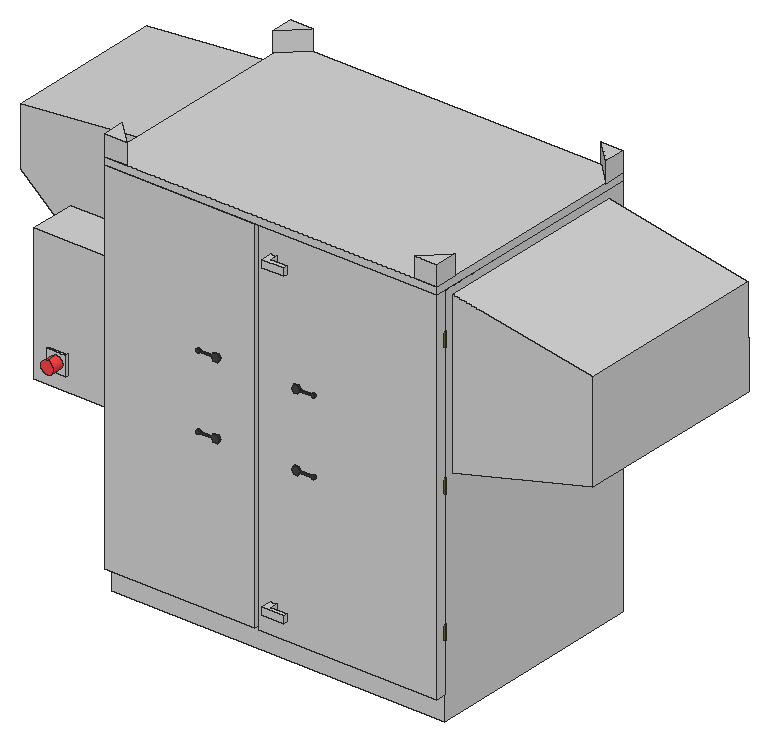
Revit family "Ventilator-RenewAire-Energy-Recovery-HE1.5XRTR", category Mechanical Equipment, Revit 2015
Parameters (values of type "1.0 HP 120V Single Phase")
  Voltage = "120"
  Ventilation Type = "Static Plate, Heat and Humidity Transfer"
  Unit Width = "33-1/4\""
  Unit Weight = "394-548 lbs."
  Unit Length = "86\""
  Unit Height = "56-3/4\""
  Unit = Metal - RenewAire - Anodized - Gray Text
  URL = "www.renewaire.com"
  Typical Airflow Range = "375 - 1,575 CFM"
  Standard Features = "Non-Fused Disconnect, 24VAC Transformer/Relay Package"
  Shipping Weight = "615 lbs."
  Service Area Visibility = no
  Service Area Box = Interference - RenewAire - Smooth - Light - Gold
  Revit Object Download Link = ""
  Phase = "Single"
  Options = "Qty. 2, EC Motor (see HE1.5XRT EC Motor submittal), 1.0 HP 120V/1Ph/60HZ, 1.0HP 208-230V/1Ph/60HZ, Integrated programmable controls, Fused disconnect, Double wall construction, Factory supplied and mounted variable frequency drives(VFDs) - one or both airstreams, Gravity backdraft dampers, Class 1 low leakage motorized isolation dampers – FA, EA or both airstreams, Qty. 2 Factory mounted filter alarms, Independent blower control, Exterior paint - white, custom colors"
  Number Motors = "Qty. 2, 1.0 HP ea., Direct drive standard motorized impeller packages"
  Model = "HE1.5XRTR"
  Minimum Circuit Amps = "14.6 A"
  Maximum Overcurrent Protection = "20 A"
  Max. Shipping Width = "47\""
  Max. Shipping Length = "70\""
  Max. Shipping Height = "83\""
  Manufacturer = "RenewAire LLC"
  Frequency = "60 HZ"
  FLA per Motor = "6.5"
  Description = "Energy Recovery Ventilator"
  Accessories = "Filters - MERV 13, 2\" (shipped loose), Backdraft Damper - OA or EA, Roof curb - standard 14\", Curb wind clip, Engineered combo curb for Carrier RTU, Engineered combo curb for Trane RTU, Digital time clock - wall mount(TC7D-W), in exterior enclosure (TC7D-E), Motion occupancy control - ceiling mount(MC-C), wall mount(MC-W), Carbon dioxide control - wall mount (CO2-W), duct mount(CO2-D), Electric duct heater – EK series (1-60 KW); designed for indoor ductwork installation only, Indirect gas-fired duct furnace - GH Series (50-400 MBH), installed downstream of any fans"
  AHRI 1060 Certified Core = "One L62-G5 and one L125-G5"
Types (6): name | Voltage | Phase | Minimum Circuit Amps | Maximum Overcurrent Protection | FLA per Motor
  (no name) | "120" | "Single" | "14.6 A" | "20 A" | "6.5"
  1.0 HP 120V Single Phase | "120" | "Single" | "14.6 A" | "20 A" | "6.5"
  1.0 HP 208-230 Single Phase | "208-230" | "Single" | "7.7 A" | "15 A" | "3.3-3.4"
  1.0 HP 277 Single Phase | "277" | "Single" | "6.1 A" | "15 A" | "2.7"
  1.0 HP 208-230 Three Phase | "208-230" | "Three" | "5.0" | "15 A" | "2.2-2.2"
  1.0 HP 460 Three Phase | "460" | "Three" | "2.5 A" | "15 A" | "1.1"
Reference planes (in)
  plane 1 "Center (Front/Back)": y = 0
  plane 2: z = 0
  plane 3 "Center (Left/Right)": x = 0
  plane 4 "MinServiceArea": y = -36.0625
  plane 5: z = 54
  plane 6: z = 53
Forms (in)
  Extrusion 1, solid, material "Metal - RenewAire - Anodized - Gray Text" <- "Unit"
    sketch origin (28, 0, 24.5625) x (0, 0, 1) y (0, 1, 0)
      loop
        line (-24.5625, 15.9375) -> (-24.5625, -14.6875) -> (28.4375, -14.6875) -> (28.4375, 15.9375) -> (-24.5625, 15.9375)
    from 3.25 to 48.875
  Extrusion 2, solid, material "Metal - RenewAire - Anodized - Gray Text" <- "Unit"
    sketch origin (28, 0, 24.5625) x (0, 0, 1) y (-1, 0, 0)
      loop
        line (-21.3125, 48.875) -> (-21.3125, 28.25) -> (28.4375, 28.25) -> (28.4375, 48.875) -> (-21.3125, 48.875)
      loop
        line (-21.3125, 27.75) -> (-21.3125, 3.25) -> (28.4375, 3.25) -> (28.4375, 27.75) -> (-21.3125, 27.75)
    from 14.6875 to 15.9375
  Extrusion 3, solid, material "Interference - RenewAire - Smooth - Light - Gold" <- "Service Area Box", visible <- "Service Area Visibility"
    sketch origin (28, 0, 24.5625) x (0, 1, 0) y (-1, 0, 0)
      loop
        line (-15.9375, 48.875) -> (-40.4375, 48.875) -> (-40.4375, 3.25) -> (-15.9375, 3.25) -> (-15.9375, 48.875)
    from -21.3125 to 29.4375
  Extrusion 4, solid, material "Metal - RenewAire - Anodized - Gray Text" <- "Unit"
    sketch origin (-19.375, 0, 42.6875) x (0, 0, 1) y (-1, 0, 0)
      loop
        line (-18.6875, 10.625) -> (-18.6875, 8) -> (-16.0625, 8) -> (-16.0625, 10.625) -> (-18.6875, 10.625)
    from 14.1875 to 14.5
  Extrusion 5, solid, material "Plastic Red"
    sketch origin (-19.375, 0, 42.6875) x (0, 0, 1) y (-1, 0, 0)
      loop
        circle (-17.375, 9.3125) r 0.875
    from 14.5 to 16
  Extrusion 6, solid, material "MonitorPorts"
    sketch origin (29.60669, 0, 34.19097) x (0, 0, 1) y (-1, 0, 0)
      loop
        line (-9.53348, 35.65895) -> (-9.94097, 35.42369) -> (-9.94097, 34.83769) -> (-9.43348, 34.54469) -> (-8.92599, 34.83769) -> (-8.92599, 35.42369) -> (-9.33348, 35.65895) -> (-9.33348, 37.28756)
        arc (-9.33348, 37.28756) -> (-9.43348, 37.76669) -> (-9.53348, 37.28756) r 0.25
        line (-9.53348, 37.28756) -> (-9.53348, 35.65895)
    from 15.9375 to 16.15339
  Extrusion 7, solid, material "MonitorPorts"
    sketch origin (29.60669, 0, 44.19097) x (0, 0, 1) y (-1, 0, 0)
      loop
        line (-9.53348, 35.65895) -> (-9.94097, 35.42369) -> (-9.94097, 34.83769) -> (-9.43348, 34.54469) -> (-8.92599, 34.83769) -> (-8.92599, 35.42369) -> (-9.33348, 35.65895) -> (-9.33348, 37.28756)
        arc (-9.33348, 37.28756) -> (-9.43348, 37.76669) -> (-9.53348, 37.28756) r 0.25
        line (-9.53348, 37.28756) -> (-9.53348, 35.65895)
    from 15.9375 to 16.15339
  Extrusion 8, solid, material "MonitorPorts"
    sketch origin (-29.60458, 0, 25.32401) x (0, 0, -1) y (1, 0, 0)
      loop
        line (-9.53348, 35.65895) -> (-9.94097, 35.42369) -> (-9.94097, 34.83769) -> (-9.43348, 34.54469) -> (-8.92599, 34.83769) -> (-8.92599, 35.42369) -> (-9.33348, 35.65895) -> (-9.33348, 37.28756)
        arc (-9.33348, 37.28756) -> (-9.43348, 37.76669) -> (-9.53348, 37.28756) r 0.25
        line (-9.53348, 37.28756) -> (-9.53348, 35.65895)
    from 15.9375 to 16.15339
  Extrusion 9, solid, material "MonitorPorts"
    sketch origin (-29.60458, 0, 15.32401) x (0, 0, -1) y (1, 0, 0)
      loop
        line (-9.53348, 35.65895) -> (-9.94097, 35.42369) -> (-9.94097, 34.83769) -> (-9.43348, 34.54469) -> (-8.92599, 34.83769) -> (-8.92599, 35.42369) -> (-9.33348, 35.65895) -> (-9.33348, 37.28756)
        arc (-9.33348, 37.28756) -> (-9.43348, 37.76669) -> (-9.53348, 37.28756) r 0.25
        line (-9.53348, 37.28756) -> (-9.53348, 35.65895)
    from 15.9375 to 16.15339
  Extrusion 10, solid, material "Metal - RenewAire - Anodized - Gray Text"
    sketch origin (0, 0, 0) x (0, 1, 0) y (0, 0, 1)
      loop
        line (11.1875, 23.875) -> (-6.8125, 23.875) -> (-6.8125, 5.875) -> (11.1875, 5.875) -> (11.1875, 23.875)
      loop
        line (10.9375, 23.625) -> (-6.5625, 23.625) -> (-6.5625, 6.125) -> (10.9375, 6.125) -> (10.9375, 23.625)
    from -25.875 to -20.875
  Extrusion 11, solid, material "Interference - RenewAire - Smooth - Light - Gold"
    sketch origin (0, 0, 0) x (1, 0, 0) y (0, 1, 0)
      loop
        circle (-21, -14.68889) r 0.125
      loop
        circle (24.875, -14.68889) r 0.125
    from 28 to 30
  Extrusion 12, solid, material "Interference - RenewAire - Smooth - Light - Gold"
    sketch origin (0, 0, 0) x (1, 0, 0) y (0, 1, 0)
      loop
        circle (-21, -14.68889) r 0.125
      loop
        circle (24.875, -14.68889) r 0.125
    from 10 to 12
  Extrusion 13, solid, material "Interference - RenewAire - Smooth - Light - Gold"
    sketch origin (0, 0, 0) x (1, 0, 0) y (0, 1, 0)
      loop
        circle (-21, -14.68889) r 0.125
      loop
        circle (24.875, -14.68889) r 0.125
    from 46 to 48
  Extrusion 14, void
    sketch origin (0, 0, 0) x (1, 0, 0) y (0, 1, 0)
      loop
        line (5.375, 7.5625) -> (5.375, -6.4375) -> (19.375, -6.4375) -> (19.375, 7.5625) -> (5.375, 7.5625)
    from -2.28633 to 3.375
  Extrusion 15, solid, material "Metal - RenewAire - Anodized - Gray Text" <- "Unit"
    sketch origin (0, 0, 0) x (1, 0, 0) y (0, 1, 0)
      loop
        line (-20.875, 15.9375) -> (-20.875, 12.9375) -> (-17.875, 15.9375) -> (-20.875, 15.9375)
      loop
        line (24.75, 15.9375) -> (21.75, 15.9375) -> (24.75, 12.9375) -> (24.75, 15.9375)
      loop
        line (-20.875, -15.9375) -> (-17.875, -15.9375) -> (-20.875, -12.9375) -> (-20.875, -15.9375)
      loop
        line (24.75, -15.9375) -> (24.75, -12.9375) -> (21.75, -15.9375) -> (24.75, -15.9375)
    from 54 to 56.75
  Extrusion 16, solid, material "Metal - RenewAire - Anodized - Gray Text" <- "Unit"
    sketch origin (0, 0, 0) x (0, 1, 0) y (0, 0, 1)
      loop
        line (15.9375, 53) -> (15.9375, 54) -> (-15.9375, 54) -> (-15.9375, 53) -> (15.9375, 53)
    from -20.875 to 24.75
  Extrusion 17, solid, material "Metal - RenewAire - Anodized - Gray Text" <- "Unit"
    sketch origin (0, 0, 0) x (1, 0, 0) y (0, 0, 1)
      loop
        line (-20.875, 40.5) -> (-32, 40.5) -> (-32, 22) -> (-20.875, 22) -> (-20.875, 40.5)
    from 7.8125 to 14.1875
  Extrusion 18, solid, material "Metal - RenewAire - Anodized - Gray Text" <- "Unit"
    sketch origin (0, 0, 0) x (1, 0, 0) y (0, 0, 1)
      loop
        line (24.75, 30) -> (44, 35) -> (44, 48.5) -> (24.75, 52) -> (24.75, 30)
    from 13.375 to -13.375
  Extrusion 19, solid, material "Metal - RenewAire - Anodized - Gray Text" <- "Unit"
    sketch origin (0, 0, 0) x (1, 0, 0) y (0, 0, 1)
      loop
        line (-20.875, 33.375) -> (-20.875, 51.625) -> (-39.75, 49.83802) -> (-39.75, 41.875) -> (-30.125, 33.375) -> (-20.875, 33.375)
    from -14.9375 to 6.8125
  Extrusion 20, void
    sketch origin (0, 0, 0) x (1, 0, 0) y (0, 1, 0)
      loop
        line (-20.375, 15.4375) -> (-20.375, -14.1875) -> (24.25, -14.1875) -> (24.25, 15.4375) -> (-20.375, 15.4375)
    from 0 to 3.25
  Extrusion 21, solid, material "Metal - RenewAire - Anodized - Gray Text" <- "Unit"
    sketch origin (0, 0, 0) x (1, 0, 0) y (0, 1, 0)
      loop
        line (1.9375, -15.9375) -> (1.9375, -17.4375) -> (4.9375, -17.4375) -> (4.9375, -16.9375) -> (2.6875, -16.9375) -> (2.6875, -15.9375) -> (1.9375, -15.9375)
    from 49 to 50
  Extrusion 22, solid, material "Metal - RenewAire - Anodized - Gray Text" <- "Unit"
    sketch origin (0, 0, 0) x (1, 0, 0) y (0, 1, 0)
      loop
        line (1.9375, -15.9375) -> (1.9375, -17.4375) -> (4.9375, -17.4375) -> (4.9375, -16.9375) -> (2.6875, -16.9375) -> (2.6875, -15.9375) -> (1.9375, -15.9375)
    from 6.25 to 7.25
Cuts and joins
  Extrusion 14, Extrusion 20 cuts Extrusion 1
Dimensions and locks (in)
  aligned and locked: level to plane 2
Connectors (in)
  hvac at (-25.875, 2.1875, 14.875)
    settings: on Extrusion 10, index 1, duct flow 0 CFM, flow factor 0, pres drop 0.00 in-wg, loss coef 0, conn angle 0.00°, conn width 18", conn height 18", conn diameter 24", duct sys type 1, conn prof type 1, flow config 0, flow direction 2, loss method 0, conn ref index -1, conn util no, is conn primary yes, conn desc "FA (Fresh Air)"
  hvac at (12.375, 0.5625, 3.375)
    settings: on cut or joined group of Extrusion 1, Extrusion 14, Extrusion 20, index 3, duct flow 0 CFM, flow factor 0, pres drop 0.00 in-wg, loss coef 0, conn angle 0.00°, conn width 16", conn height 14", conn diameter 24", duct sys type 2, conn prof type 1, flow config 0, flow direction 1, loss method 0, conn ref index -1, conn util no, is conn primary no, conn desc "RA (Return Air)"
